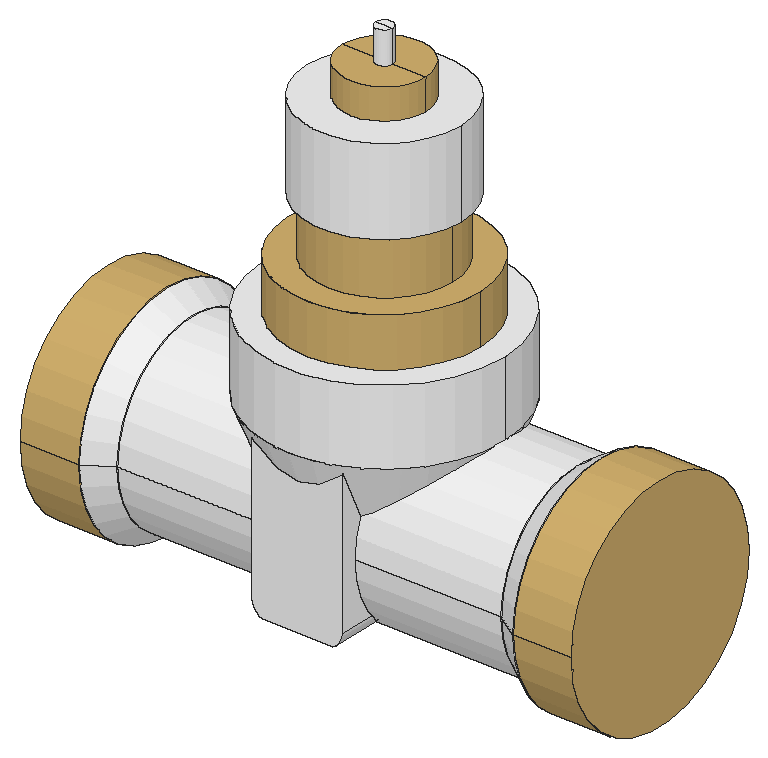
Revit family "RA-C_DN15-20_RFA_3", category Pipe Accessories, Revit 2019
Family settings
  Round Connector Dimension = Use Diameter
  Part Type = Valve - Breaks Into
  OmniClass Number = 23.65.55.14.17
  OmniClass Title = Adjusting/Controlling Valves for Liquid Services
  Work Plane-Based = No
  Always vertical = Yes
  Cut with Voids When Loaded = No
  Shared = No
Parameters (values of type "RA-C_DN15_013G3094")
  Weight = 0.22 kg
  W = D_B1  # 29 mm
  Valve Body Material = Danfoss Brass (Nickel plated)
  URL = "https://store.danfoss.com/en/Climate-Solutions-for-heating/Hydronic-Balancing-and-Control/Other-products/Zone-Valves/c/7076?q=%3Arelevance%3Adanfoss_producttypehierarchydesc%3A1e1c9ddb43c6b1c6cfe933b2dad1ca811543a787&text="
  R_B1 = 10 mm
  Pressure Drop [instance] = 0.0 Pa
  Model Type = "RA-C_DN15"
  Model = "013G3094"
  Min Medium Temperature = "-10 °C"  # constant formula
  Max Operating Pressure = "10 bar"  # constant formula
  Max Medium Temperature = "120 °C"  # constant formula
  Max Differential Pressure = "0.6 bar"  # constant formula
  Manufacturer = "Danfoss"  # constant formula
  L3 = 10 mm
  L2 = 3 mm
  LOD 350 = not(LOD 200)  # yes
  LOD 200 = no
  L1 = 7 mm
  L = 66 mm
  Kvs = 1.2 m³/h
  IfcExportType = "RA-C"  # constant formula
  IfcExportAs = "IfcValveType"  # constant formula
  H_Arc2 = 0 mm
  H_Arc1 = 0 mm
  H7 = 13.5 mm
  H5 = 6.8 mm
  H4 = 17.1 mm
  H2 = 11 mm
  H3 = 5.8 mm
  H1 = 20 mm
  H0 = 50.5 mm
  H [instance] = 64 mm
  Flow [instance] = 0.0 m³/h
  H6 = -5.8 mm
  Description = "Motorized Control Valve"  # constant formula
  D_B4 = 18.5 mm
  D_Thread = 26.5 mm
  DN20_350 = if(and(LOD 350, D = 20 mm), 1 = 1, 1 = 0)  # no
  DN20 = if(D = 20 mm, 1 = 1, 1 = 0)  # no
  DN15 = if(and(LOD 350, D = 15 mm), 1 = 1, 1 = 0)  # yes
  D = 15 mm
  Connection = "External Thread"  # constant formula
  R_V1 = 22.5 mm
  D_B1 = 29 mm
  D_B3 = 16.5 mm
  D_B2 = 23 mm
Types (2, lengths in mm): name | Weight | W | R_B1 | Model Type | Model | L3 | L2 | L1 | L | Kvs | H_Arc2 | H_Arc1 | H7 | H5 | H4 | H2 | H3 | H1 | H0 | H | H6 | D_Thread | DN20_350 | DN20 | DN15 | D | R_V1 | D_B1
  RA-C_DN20_013G3096 | 0.42 kg | 43 | 18 | "RA-C_DN20" | "013G3096" | 43 | 2 | 8 | 77 | 3.3 m³/h | 3 | 7 | 22 | 5.5 | 16 | 5 | 17.5 | 30.5 | 63 | 85 | -8.7 | 34 | yes | yes | no | 20 | 30.5 | 43
  RA-C_DN15_013G3094 | 0.22 kg | 29 | 10 | "RA-C_DN15" | "013G3094" | 10 | 3 | 7 | 66 | 1.2 m³/h | 0 | 0 | 13.5 | 6.8 | 17.1 | 11 | 5.8 | 20 | 50.5 | 64 | -5.8 | 26.5 | no | no | yes | 15 | 22.5 | 29
Reference planes
  plane 1 "Center (Front/Back)": y = 0
  plane 2 "XYPLANE": z = 0
  plane 3 "Center (Left/Right)": x = 0
  plane 4 "93": y = 0
  plane 5 "90": y = 0
  plane 6 "88": z = 20
  plane 7 "87": z = 25.9
  plane 8 "85": z = 43
  plane 9 "83": x = 33
  plane 10 "82": x = -33
  plane 11 "81": z = 0
  plane 12 "80": y = 0
  plane 13 "79": x = 0
  plane 14 "78": x = 26
  plane 15 "77": x = -26
  plane 16 "76": x = -14.8
  plane 17 "123XZ": y = 0
  plane 18 "122XZ": y = 0
  plane 19: z = 46.7
  plane 20: z = 50.5
  plane 21: x = -23
  plane 22 "L2": x = 23
  plane 23: x = 14.8
  plane 24: z = 11
  plane 25: z = 32.7
  plane 26: z = 0
  plane 27: z = 0
  plane 28: z = 13
  plane 29: y = -14.5
  plane 30: y = 14.5
  plane 31: z = -13.5
Forms (mm)
  Blend 1, solid, material "Danfoss Brass (Nickel plated)" <- "Valve Body Material", visible <- "LOD 350", detail levels fine
    base sketch origin (-750, 0, 20.01) x (1, 0, 0) y (0, 1, 0)
      loop
        circle (750, 0) r 14.5
    top sketch origin (-750, 0, 20.01) x (1, 0, 0) y (0, 1, 0)
      loop
        circle (750, 0) r 14.5
    from -0.01 to -9.01
  Extrusion 2, solid, material "Danfoss Brass (Nickel plated)" <- "Valve Body Material", detail levels fine
    sketch origin (-750, 0, 37.01) x (1, 0, 0) y (0, 1, 0)
      loop
        circle (750, 0) r 9.25
    from 5.99 to -4.31
  Extrusion 3, solid, material "Danfoss Brass (Nickel plated)" <- "Valve Body Material", visible <- "LOD 350", detail levels fine
    sketch origin (-14.8, -750, 0) x (0, 1, 0) y (0, 0, 1)
      loop
        circle (750, 0) r 11.25
    from -8.2 to 37.8
  Extrusion 4, solid, material "Danfoss Brass (Nickel plated)" <- "Valve Body Material", not visible, detail levels fine
    sketch origin (-33, -750, 0) x (0, 1, 0) y (0, 0, 1)
      loop
        circle (750, 0) r 10
    from 0 to 10
  Extrusion 5, solid, material "Danfoss Brass (Nickel plated)" <- "Valve Body Material", not visible, detail levels fine
    sketch origin (33, -750, 0) x (0, 1, 0) y (0, 0, 1)
      loop
        circle (750, 0) r 10
    from 0 to -10
  Revolve 6, solid, material "Danfoss Brass", detail levels fine
    sketch origin (0, 0, 0) x (1, 0, 0) y (0, 0, 1)
      loop
        line (0, 46.7) -> (0, 43) -> (5, 43) -> (5, 46.7) -> (0, 46.7)
      axis (0, 43) -> (0, 46.7)
    angle from 0 to 360
  Blend 7, solid, material "Danfoss Brass (Nickel plated)" <- "Valve Body Material", visible <- "LOD 350", detail levels fine
    base sketch origin (0, 0, 0) x (0, 1, 0) y (0, 0, 1)
      loop
        circle (0, 0) r 13.25
    top sketch origin (0, 0, 0) x (0, 1, 0) y (0, 0, 1)
      loop
        circle (0, 0) r 11.25
    from -26 to -23
  Blend 8, solid, material "Danfoss Brass (Nickel plated)" <- "Valve Body Material", visible <- "LOD 350", detail levels fine
    base sketch origin (0, 0, 0) x (0, 1, 0) y (0, 0, 1)
      loop
        circle (0, 0) r 11.25
    top sketch origin (0, 0, 0) x (0, 1, 0) y (0, 0, 1)
      loop
        circle (0, 0) r 13.25
    from 23 to 26
  Extrusion 9, solid, material "Danfoss Brass (Nickel plated)" <- "Valve Body Material", visible <- "LOD 200", detail levels fine
    sketch origin (-26, -750, 0) x (0, 1, 0) y (0, 0, 1)
      loop
        circle (750, 0) r 11.25
    from 0 to 52
  Extrusion 10, solid, material "Danfoss Brass", detail levels fine
    sketch origin (26, -750, 0) x (0, 1, 0) y (0, 0, 1)
      loop
        circle (750, 0) r 13.25
    from 0 to 7
  Extrusion 11, solid, material "Danfoss Brass", detail levels fine
    sketch origin (-26, -750, 0) x (0, 1, 0) y (0, 0, 1)
      loop
        circle (750, 0) r 13.25
    from 0 to -7
  Blend 12, solid, material "Danfoss Brass (Nickel plated)" <- "Valve Body Material", visible <- "LOD 350", detail levels fine
    base sketch origin (0, 0, 0) x (1, 0, 0) y (0, 1, 0)
      loop
        circle (0, 0) r 10
    top sketch origin (0, 0, 0) x (1, 0, 0) y (0, 1, 0)
      loop
        circle (0, 0) r 14.5
    from 0 to 11
  Extrusion 13, solid, material "Danfoss Brass (Nickel plated)" <- "Valve Body Material", visible <- "LOD 200", detail levels fine
    sketch origin (0, 0, 0) x (1, 0, 0) y (0, 1, 0)
      loop
        circle (0, 0) r 14.5
    from 0 to 20
  Extrusion 14, solid, material "Danfoss Brass (Nickel plated)" <- "Valve Body Material", visible <- "DN15", detail levels fine
    sketch origin (0, 0, 0) x (1, 0, 0) y (0, 0, 1)
      loop
        line (-4.213, -9.023) -> (4.213, -9.023)
        arc (4.213, -9.023) -> (5.061, -8.267) -> (5.419, -7.188) r 2.196
        line (5.419, -7.188) -> (5.419, 11) -> (-5.419, 11) -> (-5.419, -7.188)
        arc (-5.419, -7.188) -> (-5.061, -8.267) -> (-4.213, -9.023) r 2.196
    from -13 to 13
  Extrusion 15, solid, material "Danfoss Brass (Nickel plated)" <- "Valve Body Material", visible <- "DN20_350", detail levels fine
    sketch origin (0, 0, 0) x (1, 0, 0) y (0, 1, 0)
      loop
        line (-0.614, -5) -> (0.614, -5)
        arc (0.614, -5) -> (3.715, -3.715) -> (5, -0.614) r 4.386
        line (5, -0.614) -> (5, 0.552)
        arc (5, 0.552) -> (3.697, 3.697) -> (0.552, 5) r 4.448
        line (0.552, 5) -> (-0.552, 5)
        arc (-0.552, 5) -> (-3.697, 3.697) -> (-5, 0.552) r 4.448
        line (-5, 0.552) -> (-5, -0.614)
        arc (-5, -0.614) -> (-3.715, -3.715) -> (-0.614, -5) r 4.386
    from 20 to 13
  Extrusion 16, solid, material "Danfoss Brass", detail levels fine
    sketch origin (0, 0, 0) x (1, 0, 0) y (0, 1, 0)
      loop
        circle (0, 0) r 8.25
    from 25.9 to 32.7
  Extrusion 17, solid, material "Danfoss Brass (Nickel plated)" <- "Valve Body Material", visible <- "DN20", detail levels fine
    sketch origin (0, 0, 0) x (1, 0, 0) y (0, 1, 0)
      loop
        circle (0, 0) r 17
    from -13.5 to 0
  Blend 18, solid, material "Danfoss Brass (Nickel plated)" <- "Valve Body Material", visible <- "DN20_350", detail levels fine
    base sketch origin (-14.8, -750, 0) x (0, 1, 0) y (0, 0, 1)
      loop
        arc (738.028, 0) -> (750, -11.972) -> (761.972, 0) r 11.972
        line (761.972, 0) -> (738.028, 0)
    top sketch origin (-14.8, -750, 0) x (0, 1, 0) y (0, 0, 1)
      loop
        line (765, 0) -> (735, 0)
        arc (735, 0) -> (750, -15) -> (765, 0) r 15
    from 40.8 to 14.8
  Extrusion 19, solid, material "Danfoss Brass", detail levels fine
    sketch origin (-750, 0, 25.9) x (1, 0, 0) y (0, 1, 0)
      loop
        circle (750, 0) r 11.5
    from 0 to -5.9
  Revolve 20, solid, material "Danfoss Brass (Nickel plated)" <- "Valve Body Material", detail levels fine
    sketch origin (0, 0, 0) x (1, 0, 0) y (0, 0, 1)
      loop
        line (0, 46.7) -> (1, 46.7) -> (1, 50.5) -> (0, 50.5) -> (0, 46.7)
      axis (0, 46.7) -> (0, 50.5)
    angle from 0 to 360
Lines and regions (mm)
  reference lines, not visible
    curve 1: circle (2, 2, 0) r 1 normal (0, 0, 1)
  reference lines
    curve 2: line (-33, 0, 0) -> (-33, 5.846, -3.375)
    curve 3: line (-33, 0, 0) -> (-33, 0, -6.75)
    curve 4: line (-33, 0, 0) -> (-33, -5.846, -3.375)
    curve 5: line (33, 0, 0) -> (33, 5.846, -3.375)
    curve 6: line (33, 0, 0) -> (33, 0, -6.75)
    curve 7: line (33, 0, 0) -> (33, -5.846, -3.375)
Dimensions and locks
  plane 1 "Center (Front/Back)" to curve 1 = 2 mm
  locked: plane 12 "80" to plane 4 "93"
  locked: plane 12 "80" to plane 5 "90"
  locked: plane 2 "XYPLANE" to plane 11 "81"
  locked: plane 1 "Center (Front/Back)" to plane 12 "80"
  locked: plane 3 "Center (Left/Right)" to plane 13 "79"
  "L": plane 9 "83" to plane 10 "82"
  "H1": plane 6 "88" to level
  "H0": plane 20 to level
  Revolve 6 sketch curve to Revolve 6 sketch curve = 5 mm
  "L1": plane 15 "77" to plane 10 "82"
  "L1": plane 9 "83" to plane 14 "78"
  equal spacing: plane 9 "83", plane 13 "79", plane 10 "82"
  "H2": plane 24 to level
  equal spacing: Extrusion 14 sketch curve, plane 3 "Center (Left/Right)", Extrusion 14 sketch curve
  Extrusion 14 sketch curve to Extrusion 14 sketch curve = 10.838 mm
  locked: plane 20 to plane 19 at 3.8
  "H4": plane 8 "85" to plane 7 "87"
  equal spacing: Extrusion 15 sketch curve, plane 1 "Center (Front/Back)", Extrusion 15 sketch curve
  "H5": plane 25 to plane 7 "87"
  "H_Arc1": level to plane 27
  "H_Arc2": level to plane 26
  "L2": plane 21 to plane 15 "77"
  "L2": plane 14 "78" to plane 22 "L2"
  equal spacing: Extrusion 15 sketch curve, plane 3 "Center (Left/Right)", Extrusion 15 sketch curve
  "L3": Extrusion 15 sketch curve to Extrusion 15 sketch curve  (x2)
  Revolve 20 sketch curve to Revolve 20 sketch curve = 1 mm
  equal spacing: plane 29, plane 1 "Center (Front/Back)", plane 30
  "W": plane 29 to plane 30
  "H7": level to plane 31
  "H": plane 20 to plane 31
  locked: plane 19 to plane 8 "85" at 3.7
  locked: plane 6 "88" to plane 28 at 7
  "D_B1": diameter of Blend 1 sketch curve  (x2)
  "D_B4": diameter of Extrusion 2 sketch curve
  "R_V1": diameter of Extrusion 3 sketch curve
  "D_Thread": diameter of Blend 7 sketch curve
  "R_V1": diameter of Blend 7 sketch curve
  "R_V1": diameter of Blend 8 sketch curve
  "D_Thread": diameter of Blend 8 sketch curve
  "R_V1": diameter of Extrusion 9 sketch curve
  "D_Thread": diameter of Extrusion 10 sketch curve
  "D_Thread": diameter of Extrusion 11 sketch curve
  "R_B1": radius of Blend 12 sketch curve
  "D_B1": diameter of Blend 12 sketch curve
  "D_B1": diameter of Extrusion 13 sketch curve
  radius of Extrusion 15 sketch curve = 4.386 mm  (x2)
  radius of Extrusion 15 sketch curve = 4.448 mm  (x2)
  "D_B3": diameter of Extrusion 16 sketch curve
  radius of Extrusion 17 sketch curve = 17 mm
  radius of Blend 18 sketch curve = 11.972 mm
  radius of Blend 18 sketch curve = 15 mm
  "D_B2": diameter of Extrusion 19 sketch curve
  locked: curve 3 to curve 2 (angle 60.00°)
  locked: curve 4 to curve 3 (angle 60.00°)
  locked: curve 4 to curve 2 (angle 120.00°)
  locked: curve 6 to curve 5 (angle 60.00°)
  locked: curve 7 to curve 6 (angle 60.00°)
  locked: curve 7 to curve 5 (angle 120.00°)
  aligned and locked: level to plane 2 "XYPLANE"
  aligned and locked: plane 12 "80" to Blend 1 sketch curve  (x2)
  aligned and locked: plane 13 "79" to Blend 1 sketch curve  (x2)
  aligned and locked: plane 12 "80" to Extrusion 2 sketch curve
  aligned and locked: plane 13 "79" to Extrusion 2 sketch curve
  aligned and locked: plane 11 "81" to curve 4
  aligned and locked: curve 4 to plane 12 "80"
  aligned and locked: plane 11 "81" to curve 7
  aligned and locked: curve 7 to plane 12 "80"
  aligned and locked: plane 11 "81" to Extrusion 3 sketch curve
  aligned and locked: Extrusion 3 sketch curve to plane 12 "80"
  aligned and locked: plane 11 "81" to Extrusion 4 sketch curve
  aligned and locked: Extrusion 4 sketch curve to plane 12 "80"
  aligned and locked: plane 11 "81" to Extrusion 5 sketch curve
  aligned and locked: Extrusion 5 sketch curve to plane 12 "80"
  aligned and locked: Revolve 6 sketch curve to plane 13 "79"
  aligned and locked: Revolve 6 sketch curve to plane 19
  aligned and locked: plane 13 "79" to Revolve 6 sketch curve
  aligned and locked: level to Blend 7 sketch curve  (x2)
  aligned and locked: plane 1 "Center (Front/Back)" to Blend 7 sketch curve
  aligned and locked: plane 18 "122XZ" to Blend 7 sketch curve
  aligned and locked: plane 18 "122XZ" to Blend 8 sketch curve  (x2)
  aligned and locked: level to Blend 8 sketch curve  (x2)
  aligned and locked: plane 18 "122XZ" to Extrusion 9 sketch curve
  aligned and locked: level to Extrusion 9 sketch curve
  aligned and locked: Extrusion 9 to plane 14 "78"
  aligned and locked: Extrusion 10 to plane 9 "83"
  aligned and locked: Extrusion 11 sketch curve to plane 18 "122XZ"
  aligned and locked: level to Extrusion 11 sketch curve
  aligned and locked: Extrusion 11 to plane 10 "82"
  aligned and locked: plane 18 "122XZ" to Blend 12 sketch curve  (x2)
  aligned and locked: plane 13 "79" to Blend 12 sketch curve  (x2)
  aligned and locked: plane 6 "88" to Blend 1
  aligned and locked: plane 1 "Center (Front/Back)" to Extrusion 13 sketch curve
  aligned and locked: plane 3 "Center (Left/Right)" to Extrusion 13 sketch curve
  aligned and locked: Extrusion 13 to level
  aligned and locked: plane 3 "Center (Left/Right)" to nested 1  (x2)
  aligned and locked: plane 1 "Center (Front/Back)" to nested 1
  aligned and locked: Revolve 6 sketch curve to plane 8 "85"
  aligned and locked: plane 8 "85" to Extrusion 2
  aligned and locked: Extrusion 15 to plane 6 "88"
  aligned and locked: Blend 1 to plane 24
  aligned and locked: Blend 12 to Blend 1
  aligned and locked: Extrusion 2 to plane 25
  aligned and locked: plane 13 "79" to Extrusion 16 sketch curve
  aligned and locked: plane 1 "Center (Front/Back)" to Extrusion 16 sketch curve
  aligned and locked: Extrusion 16 to plane 7 "87"
  aligned and locked: plane 25 to Extrusion 16
  aligned and locked: plane 13 "79" to Extrusion 17 sketch curve
  aligned and locked: plane 1 "Center (Front/Back)" to Extrusion 17 sketch curve
  aligned and locked: level to Extrusion 17
  aligned and locked: Blend 18 to plane 3 "Center (Left/Right)"
  aligned and locked: Blend 18 to plane 14 "78"
  aligned and locked: plane 1 "Center (Front/Back)" to Blend 18 sketch curve  (x2)
  aligned and locked: plane 26 to Blend 18 sketch curve  (x2)
  aligned and locked: plane 27 to Blend 18 sketch curve  (x2)
  aligned and locked: plane 24 to Extrusion 14
  aligned and locked: Blend 7 to plane 15 "77"
  aligned and locked: Blend 8 to plane 14 "78"
  aligned and locked: Blend 7 to plane 21
  aligned and locked: Extrusion 3 to plane 21
  aligned and locked: Blend 8 to plane 22 "L2"
  aligned and locked: Extrusion 3 to plane 22 "L2"
  aligned and locked: plane 28 to Extrusion 15
  aligned and locked: Blend 12 to level
  aligned and locked: plane 13 "79" to Extrusion 19 sketch curve
  aligned and locked: plane 1 "Center (Front/Back)" to Extrusion 19 sketch curve
  aligned and locked: plane 13 "79" to Revolve 20 sketch curve  (x2)
  aligned and locked: plane 19 to Revolve 20 sketch curve
  aligned and locked: Revolve 20 sketch curve to plane 20
  aligned and locked: plane 31 to Extrusion 17
  aligned and locked: Extrusion 19 to plane 6 "88"
  aligned and locked: plane 6 "88" to Extrusion 13
Automatic sketch dimensions
  plane 3 "Center (Left/Right)" to curve 1 = 2 mm
  plane 1 "Center (Front/Back)" to Extrusion 4 sketch curve = 10 mm
  plane 1 "Center (Front/Back)" to Extrusion 5 sketch curve = 10 mm
  Extrusion 14 sketch curve to Extrusion 14 sketch curve = 1.206 mm  (x2)
  Extrusion 14 sketch curve to Extrusion 14 sketch curve = 0.986 mm  (x2)
  Extrusion 14 sketch curve to level = 9.023 mm
  Extrusion 14 sketch curve to Extrusion 14 sketch curve = 1.835 mm  (x2)
  Extrusion 14 sketch curve to plane 6 "88" = 9 mm
  Revolve 6 sketch curve to plane 8 "85" = 1.171 mm
  plane 20 to Revolve 6 sketch curve = 2.03 mm
  Revolve 20 sketch curve to plane 19 = 0.97 mm
  plane 20 to Revolve 20 sketch curve = 2.73 mm
  Extrusion 10 sketch curve to level = 0 mm
  Extrusion 10 sketch curve to plane 1 "Center (Front/Back)" = 0 mm
  radius of curve 1 = 1 mm
Nested families
  nested 1: "Schematic_2-Way Control Valve" at (0, 0, 0), type "Schematic_2-Way Control Valve", detail levels coarse+medium
Connectors
  piping at (-33, 0, 0), diameter 15, driven by "D", driven by "Flow"
    settings: on Extrusion 4, index 1, connector inside diameter 609.6 mm, connector length 0 mm, flow factor 0, pipe flow 0.0 m³/h, pressure drop 0.0 Pa, fitting loss kfactor 0, connector angle 0.00°, fixture units 0, engagement length 0 mm, angle of deflection 0.00°, flow configuration 0, flow direction 1, fitting loss method 0, system type 29, joint type 0, gender type 0, connector reference index 2, connector utility 0, adjustable connector no, is connector primary yes, connector description ""
  piping at (33, 0, 0), diameter 15, driven by "D", driven by "Flow"
    settings: on Extrusion 5, index 2, connector inside diameter 609.6 mm, connector length 0 mm, flow factor 0, pipe flow 0.0 m³/h, pressure drop 0.0 Pa, fitting loss kfactor 0, connector angle 0.00°, fixture units 0, engagement length 0 mm, angle of deflection 0.00°, flow configuration 0, flow direction 2, fitting loss method 0, system type 29, joint type 0, gender type 0, connector reference index 1, connector utility 0, adjustable connector no, is connector primary no, connector description ""
Definition of nested family "Schematic_2-Way Control Valve"
  Parameters (values of type "Schematic_2-Way Control Valve")
    L = 80.4 mm
    H1 = L / 3  # 26.8 mm
    H = 60.3 mm
    D = 47 mm
  Reference planes
    plane 1 "Center (Front/Back)": y = 0
    plane 2: z = 0
    plane 3 "Center (Left/Right)": x = 0
    plane 4: x = -40.2
    plane 5: x = 40.2
    plane 6: y = 23.5
    plane 7: y = -23.5
    plane 8: y = 60.3
    plane 9: y = 46.9
    plane 10: y = 33.5
    plane 11: z = -23.5
    plane 12: z = 23.5
    plane 13: z = 60.3
    plane 14: z = 46.9
    plane 15: z = 33.5
    plane 16: x = 13.4
    plane 17: x = -13.4
  Lines and regions (mm)
    symbolic lines
      curve 1: line (-40.2, 23.5, 0) -> (-40.2, -23.5, 0)
      curve 2: line (-40.2, -23.5, 0) -> (40.2, 23.5, 0)
      curve 3: line (40.2, 23.5, 0) -> (40.2, -23.5, 0)
      curve 4: line (40.2, -23.5, 0) -> (-40.2, 23.5, 0)
      curve 5: line (0, 0, 0) -> (0, 33.5, 0)
      curve 15: line (-13.4, 60.3, 0) -> (13.4, 60.3, 0)
      curve 16: line (-13.4, 33.5, 0) -> (-13.4, 60.3, 0)
      curve 17: line (13.4, 33.5, 0) -> (-13.4, 33.5, 0)
      curve 18: line (13.4, 60.3, 0) -> (13.4, 33.5, 0)
    model lines
      curve 6: line (-40.2, 0, 23.5) -> (-40.2, 0, -23.5)
      curve 7: line (-40.2, 0, -23.5) -> (40.2, 0, 23.5)
      curve 8: line (40.2, 0, 23.5) -> (40.2, 0, -23.5)
      curve 9: line (40.2, 0, -23.5) -> (-40.2, 0, 23.5)
      curve 10: line (0, 0, 0) -> (0, 0, 33.5)
      curve 11: line (-13.4, 0, 60.3) -> (13.4, 0, 60.3)
      curve 12: line (-13.4, 0, 33.5) -> (-13.4, 0, 60.3)
      curve 13: line (13.4, 0, 33.5) -> (-13.4, 0, 33.5)
      curve 14: line (13.4, 0, 60.3) -> (13.4, 0, 33.5)
  Dimensions and locks
    equal spacing: plane 4, plane 3 "Center (Left/Right)", plane 5
    "L": plane 4 to plane 5
    equal spacing: plane 7, plane 1 "Center (Front/Back)", plane 6
    "D": plane 7 to plane 6
    "H": plane 1 "Center (Front/Back)" to plane 8
    equal spacing: plane 10, plane 9, plane 8
    "H1": plane 10 to plane 8
    equal spacing: plane 13, plane 14, plane 15
    "H1": plane 13 to plane 15
    equal spacing: plane 12, plane 2, plane 11
    "D": plane 12 to plane 11
    "H": plane 13 to plane 2
    "H1": plane 16 to plane 17
    equal spacing: plane 16, plane 3 "Center (Left/Right)", plane 17
    equal spacing: plane 17, plane 3 "Center (Left/Right)", plane 16
    aligned and locked: level to plane 2
    aligned and locked: plane 10 to curve 5
    aligned and locked: plane 15 to curve 10
    aligned and locked: plane 3 "Center (Left/Right)" to curve 10
    aligned and locked: plane 17 to curve 12
    aligned and locked: plane 15 to curve 13
    aligned and locked: curve 14 to plane 16
    aligned and locked: plane 3 "Center (Left/Right)" to curve 5
  Automatic sketch dimensions
    curve 6 to plane 4 = 0 mm
    curve 7 to plane 5 = 0 mm
    curve 6 to plane 11 = 0 mm
    curve 9 to plane 11 = 0 mm
    curve 10 to level = 0 mm
    curve 8 to plane 12 = 0 mm
    curve 11 to plane 13 = 0 mm
    curve 1 to plane 4 = 0 mm
    curve 2 to plane 5 = 0 mm
    plane 7 to curve 1 = 0 mm
    plane 7 to curve 4 = 0 mm
    plane 1 "Center (Front/Back)" to curve 5 = 0 mm
    plane 6 to curve 4 = 0 mm
    curve 16 to plane 17 = 0 mm
    plane 8 to curve 15 = 0 mm
    curve 15 to plane 16 = 0 mm
